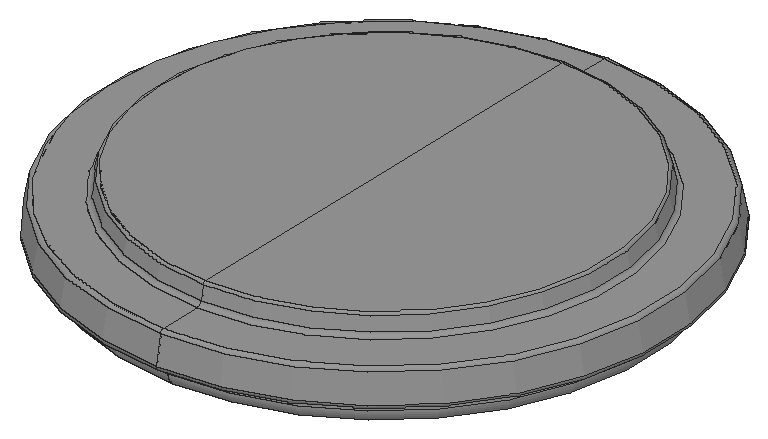
Revit family "FMK12_63_UN_Surface-mounted_ETK", category Lighting Fixtures, Revit 2017 (continued)
Definition of nested family "FMK.1 - Lightsource"
  Types (13, lengths in mm): name | Wattage Comments | Photometric Web File | built-in parameter 1150142 | Apparent Load
      1\t295.4487\r\n276.7221\t257.9909\t237.4332\t217.2268\t197.2976\t177.8843\t157.7872\t138.6506\t119.9505\t100.9249\r\n82.987\t66.0677\t14.47\t0\t0\t0\r\n604.9325\t604.5584\t603.0879\t601.1508\t598.5185\t594.9186\t590.6391\t585.3751\t579.3165\t572.4837\r\n564.9469\t556.5987\t547.5194\t537.685\t527.3395\t516.7057\t504.9047\t492.1707\t478.1271\t463.8484\r\n448.9665\t433.7524\t417.9986\t401.8529\t385.1715\t368.3446\t351.4028\t333.147\t313.7228\t294.4856\r\n275.2731\t256.1445\t237.316\t216.8492\t196.4747\t176.5442\t157.2377\t137.5478\t118.9004\t100.3985\r\n82.3134\t65.4455\t55.1323\t0\t0\t0\r\n604.9325\t604.5433\t603.3225\t601.1064\t598.4354\t594.7731\t590.3173\t585.098\t579.0797\t572.1766\r\n564.6071\t556.1859\t547.081\t537.2398\t526.6482\t515.4957\t503.7296\t491.745\t478.4953\t464.4776\r\n448.9829\t433.6134\t417.6598\t401.2469\t384.1387\t366.9918\t349.3881\t331.6485\t313.6629\t294.2241\r\n274.5265\t254.9012\t235.3516\t216.0467\t196.5265\t175.8547\t156.0522\t137.0014\t117.7749\t99.6932\r\n81.7729\t64.8345\t49.3378\t0\t0\t0\r\n604.9325\t604.5271\t603.3032\t601.0701\t598.3654\t594.6491\t590.1215\t584.7542\t578.8145\t571.898\r\n564.2988\t555.7883\t546.6569\t536.7664\t526.1773\t514.9361\t502.9375\t490.4265\t477.2784\t464.0283\r\n449.3533\t434.0958\t417.8096\t401.016\t383.7266\t366.2957\t348.4007\t330.2839\t311.8195\t293.1788\r\n274.555\t254.527\t234.348\t214.5879\t194.928\t175.8985\t155.5638\t135.8975\t117.155\t98.5499\r\n81.2595\t64.2084\t48.8598\t7.0657\t0\t0\r\n604.9325\t604.5096\t603.2784\t601.0424\t598.3097\t594.5477\t589.9606\t584.5414\t578.4482\t571.608\r\n563.9594\t555.3996\t546.2593\t536.3041\t525.6497\t514.3962\t502.4141\t489.7664\t476.4029\t462.5786\r\n448.0398\t433.0915\t418.0577\t401.3922\t384.1366\t366.1992\t348.0979\t329.6668\t310.9131\t291.9004\r\n272.744\t253.4824\t234.1877\t214.0316\t193.775\t173.9598\t154.8443\t135.6589\t116.2289\t97.8298\r\n80.0295\t63.4921\t48.2305\t34.936\t0\t0\r\n604.9325\t604.4906\t603.2478\t601.2803\t598.2688\t594.4695\t589.8358\t584.3814\t578.2247\t571.2493\r\n563.5271\t555.0451\t545.8679\t535.8603\t525.1757\t513.8836\t501.871\t489.1433\t475.8417\t461.8368\r\n447.2679\t432.0274\t416.5009\t400.0073\t383.2616\t366.3726\t348.5214\t330.0774\t310.8253\t291.5128\r\n272.035\t252.2821\t232.6407\t212.8798\t193.2781\t173.4395\t153.4804\t134.3364\t116.0668\t97.2\r\n79.2416\t62.4646\t47.4631\t33.5133\t0\t0\r\n604.9325\t604.4703\t603.2116\t601.2411\t598.5166\t594.4157\t589.7477\t584.274\t578.0648\t571.0564\r\n563.2525\t554.6583\t545.4211\t535.3541\t524.7361\t513.4205\t501.3551\t488.6147\t475.2745\t461.193\r\n446.5744\t431.3412\t415.6511\t399.1668\t382.278\t364.8935\t347.109\t328.9881\t310.4447\t291.7072\r\n272.4757\t252.2606\t232.2751\t212.1161\t191.9979\t172.222\t152.6751\t133.6736\t114.4712\t96.2985\r\n79.2\t61.7213\t46.3352\t30.5861\t2.7832\t0\r\n604.9325\t604.4487\t603.1693\t601.1876\t598.4603\t594.6385\t589.9678\t584.5139\t577.9711\t570.9456\r\n563.0797\t554.4745\t545.1762\t535.0443\t524.3111\t512.96\t500.8221\t488.1002\t474.7163\t460.6519\r\n445.9947\t430.7439\t414.9606\t398.5261\t381.5143\t364.1378\t346.2393\t328.0457\t309.3298\t290.2564\r\n271.0121\t251.3312\t231.6882\t211.9743\t192.2844\t172.4111\t152.2798\t132.702\t113.7176\t95.3929\r\n77.7571\t61.1156\t45.5789\t26.7123\t15.0206\t0\r\n604.9325\t604.4257\t603.1214\t601.1197\t598.376\t594.5431\t589.8686\t584.4373\t578.1813\t571.1696\r\n563.2668\t554.6915\t545.3505\t535.1843\t524.1648\t512.8008\t500.5868\t487.89\t474.4515\t460.278\r\n445.5862\t430.3323\t414.5182\t397.9934\t380.8221\t363.4557\t345.5267\t327.2817\t308.5319\t289.4587\r\n270.127\t250.3982\t230.6065\t210.7975\t190.5506\t170.8379\t151.2851\t132.0397\t113.3713\t95.4283\r\n77.5355\t60.4175\t45.5245\t22.783\t11.8877\t0\r\n604.9325\t604.4014\t603.0678\t601.0376\t598.264\t594.4044\t589.7068\t584.2658\t577.9867\t570.9757\r\n563.0442\t554.4872\t545.1275\t534.9651\t524.2246\t512.882\t500.6187\t487.9897\t474.5344\t460.3474\r\n445.6646\t430.439\t414.623\t398.0399\t380.7488\t363.3986\t345.4701\t327.1757\t308.3973\t289.2412\r\n269.9199\t250.2091\t230.3921\t210.5042\t190.5692\t170.6931\t151.1594\t131.7673\t112.9299\t94.5881\r\n76.9076\t60.112\t45.0279\t27.0286\t9.6311\t7.6483\r\n604.9325\t604.3759\t603.0084\t600.9412\t598.124\t594.2226\t589.4823\t583.9989\t577.6703\t570.6249\r\n562.6312\t554.0383\t544.615\t534.4128\t523.3303\t511.8827\t499.6032\t486.8945\t473.379\t459.1716\r\n444.447\t429.1313\t413.2983\t396.6863\t379.4714\t362.0792\t344.0455\t325.7707\t306.8732\t287.9397\r\n268.4905\t248.7792\t228.9235\t208.976\t188.8762\t169.0915\t149.5412\t130.307\t111.7095\t93.7095\r\n75.8594\t58.8926\t44.026\t24.9142\t12.7626\t0\r\n604.9325\t604.3491\t602.9434\t600.8307\t597.9567\t593.9983\t589.1954\t583.6374\t576.9499\t569.8568\r\n561.8084\t553.1696\t543.7065\t533.5014\t522.6434\t511.1217\t498.8636\t486.1079\t472.5802\t458.4416\r\n443.7228\t428.3584\t412.519\t395.9142\t378.8014\t361.382\t343.2832\t325.0317\t306.0946\t287.1683\r\n267.7345\t248.067\t228.3349\t208.5719\t188.922\t168.9512\t148.8897\t129.3596\t110.4457\t92.1897\r\n74.6666\t58.1911\t43.6041\t25.4889\t14.7118\t0\r\n604.9325\t604.321\t602.8732\t600.7066\t597.7625\t593.4555\t588.5912\t582.9617\t576.5349\t569.4237\r\n561.3509\t552.699\t543.2196\t533.0344\t522.242\t510.6583\t498.432\t485.6232\t472.085\t457.8674\r\n443.1238\t427.7399\t411.9617\t395.2552\t378.1904\t360.685\t342.6792\t324.4805\t305.7442\t286.9867\r\n267.5493\t247.3236\t227.2422\t207.0117\t186.8984\t167.1289\t147.607\t128.6542\t109.6219\t91.5686\r\n74.5654\t57.4716\t43.021\t27.7846\t2.5248\t0\r\n604.9325\t604.2919\t602.7977\t600.5691\t597.2642\t593.1928\t588.2942\t582.6298\t576.1886\t569.0731\r\n561.0018\t552.4381\t542.9442\t532.7591\t521.8457\t510.2154\t497.9723\t485.1383\t471.6045\t457.3841\r\n442.6041\t427.217\t411.5012\t394.7803\t377.8035\t360.7021\t342.6902\t324.0667\t304.5578\t285.154\r\n265.5148\t245.6447\t225.9156\t206.0001\t186.3854\t166.628\t146.7681\t127.7474\t109.5852\t91.0031\r\n73.2615\t56.8556\t42.3856\t28.9154\t0\t0\r\n604.9325\t604.2617\t602.7174\t600.1575\t597.0585\t592.9572\t588.0346\t582.3501\t575.91\t568.8992\r\n560.8225\t552.1243\t542.5982\t532.4005\t521.4708\t509.8288\t497.5519\t484.7125\t471.1209\t456.9536\r\n442.2012\t427.0651\t411.7943\t394.8578\t377.2968\t359.0608\t340.7356\t322.097\t303.0689\t283.9286\r\n264.5951\t245.1465\t225.7535\t205.5061\t185.2214\t165.5278\t146.4993\t127.474\t108.2339\t90.109\r\n72.5842\t56.4938\t42.1707\t29.3631\t0\t0\r\n604.9325\t604.2306\t602.6322\t600.0115\t596.8707\t592.7484\t587.812\t582.1232\t575.7826\t568.6374\r\n560.5537\t551.8047\t542.2444\t532.0161\t521.1001\t509.4521\t497.1336\t484.3221\t470.9094\t457.2702\r\n442.3573\t426.8157\t410.175\t393.076\t375.4255\t357.6573\t339.5612\t321.1252\t302.4491\t283.5515\r\n264.6943\t244.5977\t224.3093\t204.516\t184.8175\t165.8131\t145.6325\t126.1903\t107.6436\t89.3056\r\n72.2152\t56.2192\t41.802\t5.8477\t0\t0\r\n604.9325\t604.1984\t602.5428\t599.8759\t596.7009\t592.5661\t587.6259\t582.0288\t575.5588\t568.3431\r\n560.3078\t551.4936\t541.918\t531.6799\t520.6784\t509.0807\t497.0071\t484.619\t471.0275\t456.5955\r\n440.7773\t424.9147\t408.6153\t391.9435\t374.3648\t356.8729\t339.0738\t320.888\t302.7006\t282.9652\r\n263.1976\t243.4392\t223.6803\t204.304\t184.8139\t164.2859\t144.6019\t125.6638\t106.7368\t88.9169\r\n71.7798\t55.8455\t41.2336\t0\t0\t0\r\n604.9325\t604.1654\t602.1984\t599.751\t596.5492\t592.4098\t587.5663\t581.8713\t575.3548\t568.0817\r\n560.0442\t551.1829\t541.6018\t531.3184\t520.4884\t509.3827\t497.2815\t484.0025\t469.5392\t454.8807\r\n439.5116\t423.7455\t407.6028\t391.162\t373.9279\t356.7322\t339.4153\t320.7873\t301.2671\t281.7589\r\n262.378\t243.017\t224.0712\t203.4907\t183.2079\t163.3375\t144.1874\t124.7147\t106.2756\t88.4044\r\n71.2995\t55.37\t44.7197\t0\t0\t0\r\n604.9325\t604.1317\t602.1129\t599.6372\t596.4157\t592.3859\t587.3951\t581.6922\t575.1349\t567.8233\r\n559.7735\t550.7814\t541.2689\t531.1872\t520.8219\t509.1315\t496.4226\t482.3474\t468.3274\t453.7764\r\n438.603\t423.039\t407.124\t390.762\t374.0304\t356.955\t338.1426\t319.2702\t300.2728\t281.2389\r\n262.2388\t243.2836\t222.6194\t202.306\t182.3924\t163.035\t143.1366\t124.1994\t105.8336\t87.7967\r\n70.7723\t54.7046\t11.5599\t0\t0\t0\r\n604.9325\t604.0975\t602.033\t599.5342\t596.3004\t592.2404\t587.2388\t581.5154\t574.9143\t567.569\r\n559.3901\t550.5552\t541.2123\t531.4748\t520.4156\t507.8107\t494.859\t481.3089\t467.3975\t452.9318\r\n438.0372\t422.7691\t407.025\t391.0991\t373.8573\t355.346\t337.0135\t318.5296\t299.8812\t281.2909\r\n262.3027\t241.7297\t221.4854\t201.617\t182.1371\t161.9674\t142.593\t123.9131\t105.1305\t87.2021\r\n70.1622\t53.9551\t0\t0\t0\t0\r\n604.9325\t604.0626\t601.9588\t599.4427\t596.3201\t592.1193\t587.0871\t581.3395\t574.6941\t567.3193\r\n559.1974\t550.477\t541.5473\t530.9977\t519.0905\t506.765\t493.8707\t480.5702\t466.7289\t452.4544\r\n437.8106\t422.7648\t407.3444\t389.987\t372.3299\t354.4291\t336.4151\t318.2804\t300.3326\t281.1384\r\n260.7211\t240.7052\t221.0093\t201.4727\t181.0539\t161.3248\t142.3279\t123.1598\t104.4957\t86.6464\r\n69.558\t57.7051\t0\t0\t0\t0\r\n604.9325\t604.0272\t601.8904\t599.3882\t596.237\t592.0006\t586.9406\t581.1632\t574.4747\t566.9997\r\n559.073\t550.8158\t541.1454\t529.7416\t518.149\t505.9054\t493.157\t480.018\t466.3384\t452.3643\r\n437.9112\t422.9979\t406.1187\t388.9214\t371.496\t353.9348\t336.2188\t318.724\t299.4663\t279.56\r\n259.8369\t240.2784\t220.9329\t200.4813\t180.3908\t160.9421\t141.6885\t122.4909\t103.9808\t86.1452\r\n68.9426\t35.5201\t0\t0\t0\t0\r\n604.9325\t603.9917\t601.8278\t599.3206\t596.1556\t591.8844\t586.7978\t580.9865\t574.1458\t566.8553\r\n559.4036\t550.5172\t539.9315\t528.8512\t517.367\t505.2617\t492.6816\t479.6991\t466.2194\t452.4751\r\n438.05\t421.6244\t405.0853\t388.1373\t371.032\t353.8353\t336.757\t317.784\t298.2127\t278.7079\r\n259.3309\t240.3321\t219.939\t199.6844\t179.9696\t160.7126\t140.9902\t121.943\t103.488\t85.6436\r\n68.3574\t0\t0\t0\t0\t0\r\n604.9325\t603.9559\t601.7714\t599.2628\t596.0752\t591.771\t586.6658\t580.8024\t573.989\t566.7804\r\n559.2504\t549.8741\t539.0878\t528.1304\t516.7365\t504.7959\t492.3897\t479.5813\t466.3433\t452.6497\r\n436.8272\t420.6891\t404.3399\t387.7338\t370.9749\t354.3891\t335.8421\t316.6009\t297.4159\t278.2527\r\n259.3978\t239.328\t219.0886\t199.1929\t179.808\t159.923\t140.4269\t121.457\t103.048\t85.1848\r\n73.7131\t0\t0\t0\t0\t0\r\n604.9325\t603.6792\t601.7517\t599.3411\t595.9954\t591.6566\t586.5673\t580.5284\t573.8931\t567.1365\r\n558.8682\t548.733\t538.4005\t527.5784\t516.2664\t504.4955\t492.3035\t479.6753\t466.706\t451.4882\r\n436.0948\t420.0364\t403.9109\t387.6235\t371.4864\t353.8754\t334.7111\t315.7739\t296.8941\t278.1566\r\n258.9491\t238.4036\t218.4493\t198.8345\t179.1952\t159.3202\t139.916\t121.0317\t102.6407\t84.7143\r\n55.9271\t0\t0\t0\t0\t0\r\n604.9325\t603.6444\t601.7066\t599.2965\t595.915\t591.5536\t586.4411\t580.3913\t573.8543\t566.9618\r\n558.2996\t548.0726\t537.8747\t527.1113\t515.9263\t504.3672\t492.3683\t480.1405\t465.7028\t450.6329\r\n435.3552\t419.8082\t403.764\t387.8078\t371.2229\t352.4897\t333.8151\t315.2532\t296.7183\t278.1081\r\n257.8104\t237.7622\t218.0438\t198.6801\t178.511\t158.7677\t139.4922\t120.6463\t102.238\t84.2517\r\n9.0057\t0\t0\t0\t0\t0\r\n604.9325\t603.6112\t601.6661\t599.2512\t595.8331\t591.4531\t586.3125\t580.2933\t574.2613\t566.6412\r\n557.2567\t547.549\t537.3916\t526.7388\t515.7334\t504.3886\t492.9019\t479.7342\t464.8479\t450.0077\r\n434.9476\t419.8855\t404.0538\t388.151\t369.9169\t351.5873\t333.3553\t314.9504\t296.9003\t276.9796\r\n257.0176\t237.3436\t217.8318\t197.9694\t177.9387\t158.3111\t139.083\t120.2864\t101.8575\t92.1859\r\n0\t0\t0\t0\t0\t0\r\n604.9325\t603.5799\t601.6303\t599.2045\t595.7076\t591.3592\t586.075\t580.2215\t574.1924\t566.1884\r\n556.6737\t547.074\t536.9561\t526.5217\t515.6669\t504.5312\t492.7859\t478.611\t464.16\t449.5853\r\n434.7567\t419.7662\t405.0918\t387.0371\t369.0209\t351.0423\t333.0336\t315.092\t295.9783\t276.1604\r\n256.4894\t237.0057\t217.711\t197.3492\t177.4313\t157.8872\t138.7311\t119.935\t101.4702\t81.0181\r\n0\t0\t0\t0\t0\t0\r\n604.9325\t603.5503\t601.5987\t599.1561\t595.626\t591.2727\t585.9368\t580.2006\t574.0102\t565.255\r\n556.1655\t546.6769\t536.6806\t526.4567\t515.7097\t505.0175\t491.8244\t477.8494\t463.7019\t449.2876\r\n434.7564\t420.4081\t404.4637\t386.432\t368.4467\t350.6538\t332.9546\t315.1229\t295.2701\t275.5419\r\n256.1209\t237.0123\t216.9386\t196.7955\t177.0266\t157.531\t138.3961\t119.5772\t101.0781\t55.7879\r\n0\t0\t0\t0\t0\t0\r\n604.9325\t603.5226\t601.5713\t599.1055\t595.5514\t591.1944\t585.8477\t580.6059\t573.7272\t564.7673\r\n555.7208\t546.3592\t536.5629\t526.4185\t515.8861\t504.7419\t491.1491\t477.3368\t463.4233\t449.1905\r\n434.8749\t420.3926\t403.0738\t385.7604\t368.1941\t350.5999\t333.2448\t314.0673\t294.5401\t275.2079\r\n255.9181\t236.731\t216.3242\t196.3167\t176.6088\t157.1902\t138.0919\t119.2663\t100.7128\t7.9096\r\n0\t0\t0\t0\t0\t0\r\n604.9325\t603.5024\t601.5477\t599.0027\t595.4844\t591.1564\t585.7889\t580.586\t573.3397\t564.3588\r\n555.3625\t546.1066\t536.4848\t526.4232\t516.46\t503.7313\t490.508\t476.9971\t463.1504\t449.3158\r\n435.4961\t419.3363\t402.3059\t385.1301\t368.0536\t350.6767\t333.0603\t313.3187\t294.0528\t274.8627\r\n256.0518\t236.014\t215.808\t195.9092\t176.2577\t156.8869\t137.7744\t118.924\t107.573\t0\r\n0\t0\t0\t0\t0\t0\r\n604.9325\t603.478\t601.5279\t598.9535\t595.4258\t591.0829\t585.7607\t580.4663\t572.4844\t563.9941\r\n555.0829\t545.9216\t536.4706\t526.6157\t516.2842\t503.1403\t489.9858\t476.7762\t463.1632\t449.3988\r\n435.4082\t418.4666\t401.6939\t384.809\t367.7873\t351.0202\t332.0189\t312.8252\t293.7031\t274.7409\r\n255.7909\t235.4313\t215.3913\t195.5619\t175.9593\t156.6095\t137.5086\t118.6259\t93.5654\t0\r\n0\t0\t0\t0\t0\t0\r\n604.9325\t603.4551\t601.5115\t598.9106\t595.3758\t590.8939\t585.7709\t580.2702\t572.0798\t563.6729\r\n554.8743\t545.7915\t536.5093\t527.239\t515.7758\t502.6755\t489.6308\t476.5517\t463.3214\t450.0742\r\n434.4062\t417.8556\t401.204\t384.5694\t367.8901\t350.6145\t331.3568\t312.4071\t293.4519\t274.8857\r\n255.1354\t234.9506\t214.9788\t195.2372\t175.7164\t156.3939\t137.2684\t118.3542\t70.2991\t0\r\n0\t0\t0\t0\t0\t0\r\n604.9325\t603.4339\t601.4981\t598.8743\t595.3693\t590.8219\t585.8012\t579.9783\t571.7294\t563.3978\r\n554.7414\t545.7491\t536.5989\t527.245\t514.8542\t502.254\t489.435\t476.4383\t463.4252\t450.1235\r\n433.6687\t417.3734\t400.9511\t384.4656\t368.2234\t349.7336\t330.8127\t312.0244\t293.3418\t274.7228\r\n254.5352\t234.5186\t214.663\t194.959\t175.4554\t156.1442\t137.0471\t118.1035\t19.0545\t0\r\n0\t0\t0\t0\t0\t0\r\n604.9325\t603.4142\t601.6163\t598.8454\t595.3189\t590.7169\t586.228\t579.6856\t571.4422\t563.1606\r\n554.6359\t545.7802\t536.7262\t527.004\t514.4202\t501.893\t489.3259\t476.5043\t463.9917\t449.6199\r\n433.2001\t416.9985\t400.7919\t384.5465\t367.964\t349.0736\t330.4515\t311.843\t293.2609\t274.3654\r\n254.0721\t234.1043\t214.3191\t194.7189\t175.2644\t155.9641\t136.8284\t127.44\t0.8256\t0\r\n0\t0\t0\t0\t0\t0\r\n604.9325\t603.3959\t601.5958\t598.824\t595.2654\t590.6658\t586.2393\t578.987\t571.1614\t562.9789\r\n554.5537\t545.8944\t537.3116\t526.1436\t514.0547\t501.6983\t489.2117\t476.6618\t464.074\t448.5062\r\n432.723\t416.8038\t400.7754\t385.0445\t367.1413\t348.6211\t330.0914\t311.6944\t293.5155\t273.6725\r\n253.6465\t233.79\t214.0612\t194.4807\t175.0633\t155.7882\t136.6493\t117.5353\t0\t0\r\n0\t0\t0\t0\t0\t0\r\n604.9325\t603.3793\t601.5872\t598.8105\t595.2101\t590.6325\t586.182\t578.7254\t570.875\t562.8655\r\n554.5217\t546.0169\t537.3617\t525.6545\t513.7252\t501.581\t489.2289\t476.8143\t463.9001\t448.0007\r\n432.3179\t416.6176\t400.8204\t385.0398\t366.6709\t348.2612\t329.9337\t311.6354\t293.3024\t273.2371\r\n253.3363\t233.5297\t213.8389\t194.3095\t174.9111\t155.6259\t136.4696\t101.5487\t0\t0\r\n0\t0\t0\t0\t0\t0\r\n604.9325\t603.3641\t601.5801\t598.8331\t595.1315\t590.6137\t586.0804\t578.487\t570.6665\t562.7608\r\n554.5332\t546.1336\t537.3181\t525.3185\t513.4082\t501.4893\t489.3584\t477.4559\t463.01\t447.6105\r\n432.0987\t416.5061\t400.931\t384.7262\t366.2377\t348.0214\t329.8202\t311.6817\t293.0359\t272.855\r\n252.9846\t233.2859\t213.6869\t194.1907\t174.796\t155.5142\t136.3398\t80.7347\t0\t0\r\n0\t0\t0\t0\t0\t0\r\n604.9325\t603.3502\t601.5746\t598.8264\t595.0882\t590.6008\t585.9286\t578.3051\t570.5246\t562.6362\r\n554.6075\t546.3098\t537.0792\t525.0613\t513.2531\t501.3561\t489.4926\t477.5967\t462.5345\t447.256\r\n431.9436\t416.5695\t401.424\t383.9417\t365.8692\t347.8299\t329.7853\t311.9692\t292.3903\t272.5405\r\n252.7811\t233.1154\t213.5333\t194.0453\t174.6839\t155.431\t150.2586\t29.2061\t0\t0\r\n0\t0\t0\t0\t0\t0\r\n604.9325\t603.3378\t601.5706\t598.8203\t595.055\t590.6078\t585.7655\t578.1122\t570.4127\t562.5739\r\n554.6736\t546.923\t536.3276\t524.8226\t513.1645\t501.4036\t489.5432\t477.5045\t462.1937\t447.0308\r\n431.8282\t416.622\t401.4545\t383.5728\t365.6095\t347.6741\t329.7802\t311.9534\t292.0872\t272.2819\r\n252.5716\t232.9639\t213.4378\t193.9889\t174.6452\t155.374\t147.8321\t12.1507\t0\t0\r\n0\t0\t0\t0\t0\t0\r\n604.9325\t603.3266\t601.5681\t598.8152\t594.9133\t590.6359\t585.5832\t577.9208\t570.3524\t562.5734\r\n554.7119\t547.0357\t536.0482\t524.6097\t513.0999\t501.5025\t489.8006\t477.1124\t461.8898\t446.8692\r\n431.8333\t416.768\t401.2684\t383.2146\t365.4085\t347.6008\t329.8404\t311.7539\t291.7771\t272.086\r\n252.4588\t232.8794\t213.3666\t193.9448\t174.6141\t155.3429\t141.4974\t0\t0\t0\r\n0\t0\t0\t0\t0\t0\r\n604.9325\t603.3169\t601.5671\t598.8117\t594.8818\t591.1273\t585.3598\t577.7232\t570.2807\t562.5989\r\n554.8126\t547.0015\t535.83\t524.465\t513.0578\t501.589\t490.423\t476.4322\t461.5541\t446.7712\r\n431.8675\t416.9077\t401.0268\t382.9673\t365.2569\t347.5825\t330.1779\t311.2051\t291.528\t271.9059\r\n252.3343\t232.8122\t213.3482\t193.9567\t174.6259\t155.3412\t132.138\t0\t0\t0\r\n0\t0\t0\t0\t0\t0\r\n604.9325\t603.3083\t601.5674\t598.8104\t594.8673\t591.1701\t585.2094\t577.5682\t570.1843\t562.6627\r\n554.9593\t546.9296\t535.6142\t524.3936\t513.0698\t501.7034\t490.4952\t476.125\t461.4413\t446.6766\r\n431.941\t417.4522\t400.3522\t382.7423\t365.1753\t347.6066\t330.2627\t310.9633\t291.3402\t271.7576\r\n252.2371\t232.7679\t213.3529\t19
      3.9805\t174.655\t155.392\t120.5846\t0\t0\t0\r\n0\t0\t0\t0\t0\t0\r\n604.9325\t603.301\t601.5729\t598.8117\t594.8652\t591.1802\t584.7817\t577.4234\t570.115\t562.6941\r\n555.1334\t546.8455\t535.414\t524.311\t513.1192\t501.8585\t490.4872\t475.8803\t461.3033\t446.6903\r\n432.0433\t417.4984\t400.1431\t382.6494\t365.1539\t347.6827\t330.3082\t310.7545\t291.1843\t271.6838\r\n252.2118\t232.7765\t213.3615\t194.0134\t174.7039\t155.4623\t107.4685\t0\t0\t0\r\n0\t0\t0\t0\t0\t0\r\n604.9325\t603.295\t601.5758\t598.815\t594.8775\t591.0866\t584.6864\t577.3564\t570.0567\t562.6969\r\n555.2743\t546.7564\t535.2798\t524.2414\t513.1816\t502.0442\t490.4343\t475.6998\t461.2244\t446.7248\r\n432.2027\t417.4698\t399.9233\t382.5455\t365.1657\t347.7926\t330.2732\t310.6261\t291.1251\t271.6527\r\n252.2115\t232.7878\t213.4222\t194.097\t174.8049\t155.5703\t93.4481\t0\t0\t0\r\n0\t0\t0\t0\t0\t0\r\n604.9325\t603.2899\t601.5794\t598.8194\t594.9418\t591.0742\t584.5693\t577.3871\t570.0555\t562.7489\r\n555.8198\t546.1678\t535.2586\t524.2031\t513.1736\t502.2212\t490.3579\t475.5739\t461.1807\t446.7922\r\n432.3827\t417.4173\t399.8059\t382.4972\t365.1975\t347.9267\t330.2362\t310.5297\t291.061\t271.6314\r\n252.2371\t232.8693\t213.5311\t194.2179\t174.9328\t171.7185\t45.2984\t0\t0\t0\r\n0\t0\t0\t0\t0\t0\r\n604.9325\t603.2861\t601.584\t598.8252\t594.9753\t591.0943\t584.3698\t577.3456\t570.1357\t562.8374\r\n555.948\t545.9919\t535.157\t524.3236\t513.3771\t502.7104\t490.0954\t475.5009\t461.2002\t446.861\r\n432.5413\t417.3169\t399.7448\t382.5143\t365.2808\t348.0578\t330.1391\t310.4433\t291.0463\t271.6788\r\n252.3192\t232.9808\t213.6587\t194.3487\t175.0684\t171.0217\t33.648\t0\t0\t0\r\n0\t0\t0\t0\t0\t0\r\n604.9325\t603.2625\t601.5896\t598.827\t595.0037\t591.2214\t584.3024\t577.2119\t570.1593\t562.9763\r\n556.0681\t545.9132\t535.0971\t524.2744\t513.5068\t503.075\t489.7052\t475.3925\t461.1855\t446.9933\r\n433.1038\t416.8265\t399.6833\t382.546\t365.4094\t348.5442\t329.827\t310.4438\t291.082\t271.7317\r\n252.4056\t233.1016\t213.7987\t194.5299\t175.2683\t169.3777\t24.3324\t0\t0\t0\r\n0\t0\t0\t0\t0\t0\r\n604.9325\t603.2615\t601.596\t598.8352\t595.0251\t591.2699\t584.3706\t577.1939\t570.0969\t563.0553\r\n556.1891\t545.8881\t535.1035\t524.3192\t513.5269\t503.0774\t489.5826\t475.518\t461.3551\t447.1746\r\n433.3333\t416.8315\t399.7183\t382.6093\t365.5275\t348.6962\t329.8198\t310.5032\t291.1764\t271.8584\r\n252.5502\t233.251\t213.9726\t194.7088\t175.459\t167.1137\t16.9707\t0\t0\t0\r\n0\t0\t0\t0\t0\t0\r\n604.9325\t603.2622\t601.6031\t598.8456\t595.0171\t591.2942\t584.3901\t577.314\t570.1518\t563.0717\r\n556.2009\t545.8527\t535.1549\t524.4332\t513.666\t503.1656\t489.5138\t475.4802\t461.4303\t447.3598\r\n433.5291\t416.847\t399.79\t382.7498\t365.7146\t348.8482\t329.8385\t310.5403\t291.2523\t271.9627\r\n252.7004\t233.4355\t214.176\t194.9373\t175.6974\t164.6684\t11.2593\t0\t0\t0\r\n0\t0\t0\t0\t0\t0\r\n604.9325\t603.2646\t601.6112\t598.8588\t595.0338\t591.2612\t584.3879\t577.3718\t570.3272\t563.2615\r\n556.2852\t545.793\t535.1346\t524.4705\t513.8326\t503.3305\t489.5538\t475.5472\t461.5574\t447.5699\r\n433.7714\t416.9852\t399.9416\t382.9159\t365.8972\t349.0221\t329.9274\t310.6684\t291.4172\t272.1539\r\n252.9058\t233.6517\t214.4029\t195.1719\t175.9351\t162.3065\t6.9335\t0\t0\t0\r\n0\t0\t0\t0\t0\t0\r\n604.9325\t603.2688\t601.6042\t598.8743\t595.0554\t591.2658\t584.3391\t577.3615\t570.4032\t563.3975\r\n556.467\t545.8941\t535.2238\t524.5394\t513.8971\t503.3683\t489.5458\t475.6066\t461.6554\t447.69\r\n433.8362\t416.9968\t400.0429\t383.0747\t366.1055\t349.2307\t330.0787\t310.8325\t291.5897\t272.3493\r\n253.125\t233.8923\t214.6626\t195.4409\t176.2297\t160.3062\t3.7832\t0\t0\t0\r\n0\t0\t0\t0\t0\t0\r\n604.9325\t603.2748\t601.6166\t598.8882\t595.0815\t591.2814\t584.3409\t577.3783\t570.4122\t563.4421\r\n556.5094\t545.9312\t535.3131\t524.6743\t514.0286\t503.4308\t489.5819\t475.67\t461.7554\t447.8511\r\n433.9937\t417.1143\t400.1816\t383.2592\t366.3259\t349.4303\t330.2479\t311.0259\t291.8055\t272.5971\r\n253.3801\t234.165\t214.9533\t195.7439\t176.5349\t158.8426\t1.6454\t0\t0\t0\r\n0\t0\t0\t0\t0\t0\r\n604.9325\t603.2825\t601.6324\t598.9104\t595.1185\t591.3218\t584.3739\t577.421\t570.4627\t563.5141\r\n556.5711\t545.9833\t535.3841\t524.7961\t514.1941\t503.6029\t489.7421\t475.8564\t461.9698\t448.0952\r\n434.2193\t417.3134\t400.3992\t383.4817\t366.5691\t349.6572\t330.4638\t311.261\t292.0591\t272.8589\r\n253.658\t234.4578\t215.2712\t196.0725\t176.8744\t158.063\t0.4063\t0\t0\t0\r\n0\t0\t0\t0\t0\t0" | 18 VA
